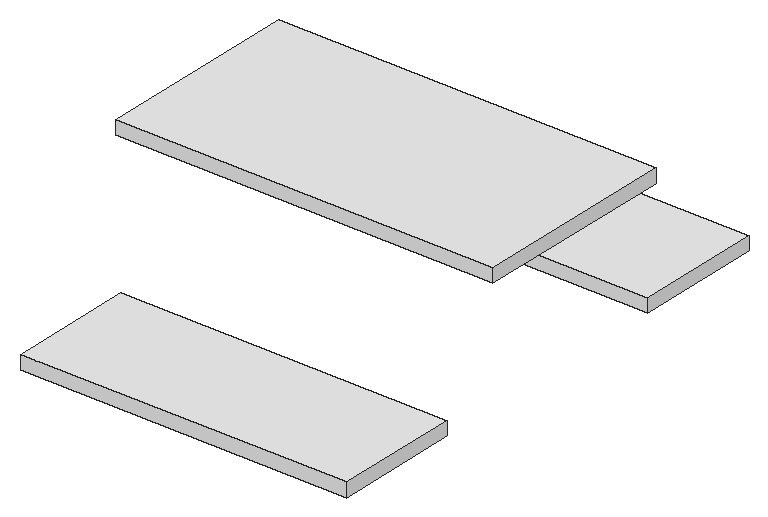
Revit family "Table Seating 4", category Furniture, Revit 2015
Parameters (values of type "Table Seating 4")
  Table [instance] = none
  Seating [instance] = none
  Assembly Code = ""
Reference planes
  plane 1 "Center (Front/Back)": y = -42.074
  plane 2: z = 0
  plane 3 "Center (Left/Right)": x = 0
  plane 4: z = 1100
  plane 5: z = 600
Forms (mm)
  Extrusion 1, solid, material <- "Seating"
    sketch origin (-658.048, -999, 600) x (0, -1, 0) y (-1, 0, 0)
      loop
        line (-33.066, -52.52) -> (-493.066, -52.52) -> (-493.066, -1252.52) -> (-33.066, -1252.52) -> (-33.066, -52.52)
      loop
        line (-1880.786, -52.52) -> (-1880.786, -1252.52) -> (-1420.786, -1252.52) -> (-1420.786, -52.52) -> (-1880.786, -52.52)
    from 0 to 50
  Extrusion 2, solid, material <- "Table"
    sketch origin (-694.472, -999, 1100) x (0, -1, 0) y (-1, 0, 0)
      loop
        line (-1331.926, 0) -> (-1331.926, -1388.944) -> (-581.926, -1388.944) -> (-581.926, 0) -> (-1331.926, 0)
    from 0 to 50
Dimensions and locks
  plane 4 to plane 2 = 1100 mm
